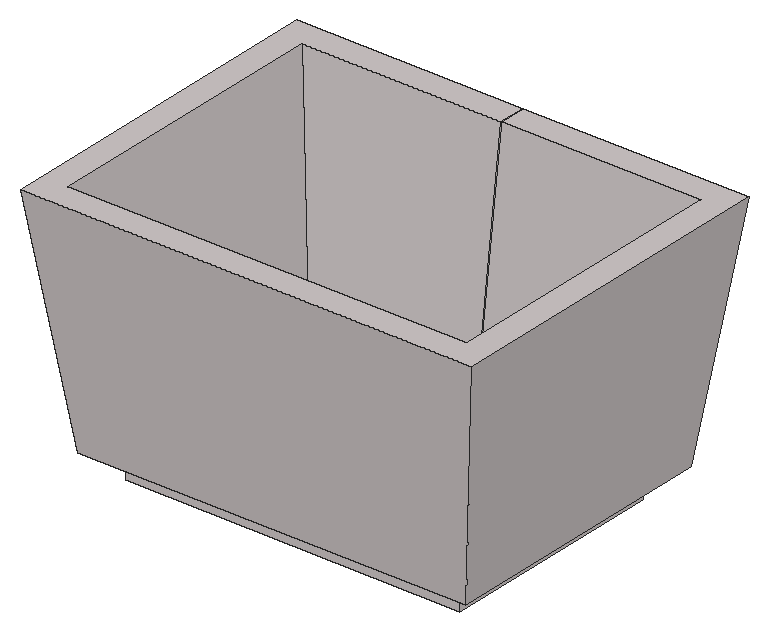
Revit family
Parameters (values of type "850 x 650 mm")
  Width = 650 mm
  Material of Planter = Planter Material
  Length = 850 mm
Types (3, lengths in mm): name | Length
  (no name) | 850
  650 x650 mm | 650
  850 x 650 mm | 850
Reference planes
  plane 1 "Center (Front/Back)": y = 0
  plane 2: z = 0
  plane 3 "Center (Left/Right)": x = 0
  plane 4: z = 500
  plane 5: x = -425
  plane 6: x = 425
  plane 7: y = 325
  plane 8: y = -325
Forms (mm)
  Extrusion 1, solid, material "Planter Material" <- "Material of Planter"
    sketch origin (0, 0, 0) x (1, 0, 0) y (0, 1, 0)
      loop
        line (-315, 215) -> (-315, -215) -> (315, -215) -> (315, 215) -> (-315, 215)
    from 0 to 50
  Blend 2, solid, material "Planter Material" <- "Material of Planter"
    base sketch origin (-65, 0, 0) x (1, 0, 0) y (0, 1, 0)
      loop
        line (-300, 265) -> (-300, -265) -> (430, -265) -> (430, 265) -> (65.5, 265) -> (65.5, 215) -> (380, 215) -> (380, -215) -> (-250, -215) -> (-250, 215) -> (65, 215) -> (65, 265) -> (-300, 265)
    top sketch origin (-65, 0, 0) x (1, 0, 0) y (0, 1, 0)
      loop
        line (-360, -325) -> (490, -325) -> (490, 325) -> (65.5, 325) -> (65.5, 275) -> (440, 275) -> (440, -275) -> (-310, -275) -> (-310, 275) -> (65, 275) -> (65, 325) -> (-360, 325) -> (-360, -325)
    from 50 to 500
Dimensions and locks
  plane 4 to level = 500 mm
  equal spacing: plane 5, plane 3 "Center (Left/Right)", plane 6
  "Length": plane 5 to plane 6
  equal spacing: plane 8, plane 1 "Center (Front/Back)", plane 7
  "Width": plane 8 to plane 7
  aligned and locked: Blend 2 to Extrusion 1
  aligned and locked: plane 4 to Blend 2
  aligned and locked: plane 3 "Center (Left/Right)" to Blend 2 sketch curve  (x2)
  aligned and locked: plane 5 to Blend 2
  aligned and locked: Blend 2 to plane 6
  aligned and locked: plane 7 to Blend 2
  aligned and locked: Blend 2 to plane 8
Automatic sketch dimensions
  plane 5 to Extrusion 1 sketch curve = 110 mm
  Extrusion 1 sketch curve to plane 6 = 110 mm
  Extrusion 1 sketch curve to plane 8 = 110 mm
  plane 7 to Extrusion 1 sketch curve = 110 mm
  plane 5 to Blend 2 sketch curve = 110 mm
  plane 5 to Blend 2 sketch curve = 60 mm
  Blend 2 sketch curve to Blend 2 sketch curve = 0.5 mm  (x2)
  Blend 2 sketch curve to plane 6 = 110 mm
  Blend 2 sketch curve to plane 6 = 60 mm
  Blend 2 sketch curve to plane 8 = 60 mm
  Blend 2 sketch curve to Blend 2 sketch curve = 50 mm
  plane 7 to Blend 2 sketch curve = 110 mm  (x2)
  plane 7 to Blend 2 sketch curve = 60 mm  (x2)
  Blend 2 sketch curve to plane 5 = 0 mm
  Blend 2 sketch curve to plane 7 = 0 mm  (x2)
  Blend 2 sketch curve to plane 6 = 0 mm
  Blend 2 sketch curve to plane 8 = 0 mm
  plane 5 to Blend 2 sketch curve = 50 mm
  Blend 2 sketch curve to plane 6 = 50 mm
  Blend 2 sketch curve to plane 8 = 50 mm
  plane 7 to Blend 2 sketch curve = 50 mm
  Blend 2 sketch curve to Blend 2 sketch curve = 0 mm
